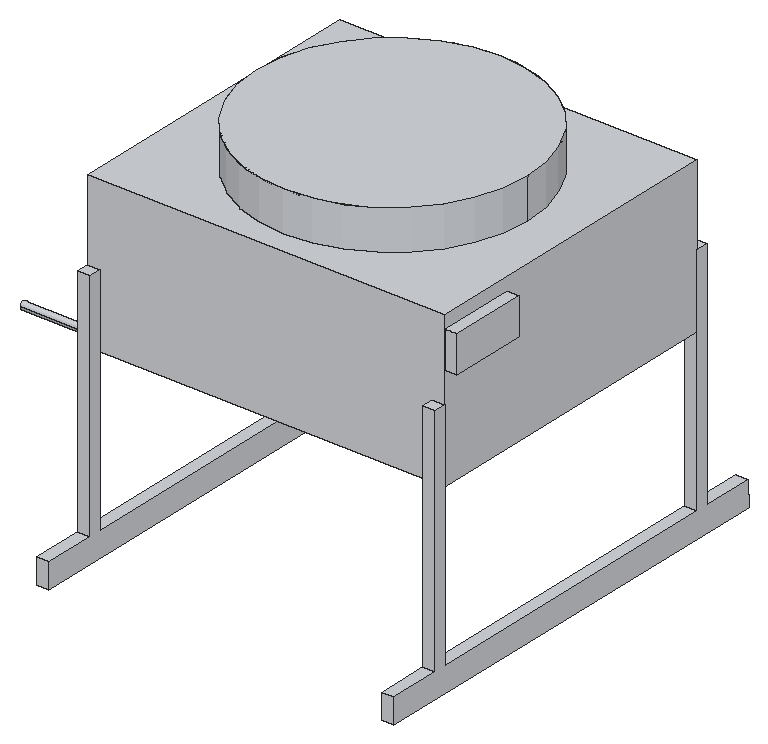
Revit family "M_Condensador - Resfriado a ar - Vertical - 8-78 kW", category Equipamento mecânico, Revit 2019
Family settings
  Cota do conector redondo = Usar raio
  Tipo de parte = Normal
  Número OmniClass = 23.75.10.24.21.11.11
  Título OmniClass = Packaged Refrigerant Condensing Coils and Fan Units
  ID de item do Seek = Condenser - Air Cooled - Vertical - 8-78 kW-0000-CAN-ENU
  Com base no plano de trabalho = Não
  Sempre na vertical = Sim
  Corte com vazios quando carregada = Não
  Compartilhado = Não
  Ponto de cálculo do ambiente = Não
Parameters (values of type "5 kW")
  Largura 1 = 651 mm
  Voltagem = 460 V
  Raio 1 = Diâmetro 1 / 2  # 279.5 mm
  Altura total = 699 mm
  Raio da saída = 7.5 mm
  Diâmetro da saída = 2 * Raio da saída  # 15 mm
  Número de pólos = 3
  Classificação de carga = Refrigeração
  Comprimento 1 = 0 mm
  Largura da perna = 914 mm
  Espessura da perna = 25 mm
  Altura da perna = 533 mm
  Raio da embocadura = 7.5 mm
  Diâmetro da embocadura = 2 * Raio da embocadura  # 15 mm
  Diâmetro 1 = 559 mm
  Fluxo de material criogênico [instance] = 0.0 L/s
  Largura do condensador = 651 mm
  Material do condensador = none
  Comprimento do condensador = 711 mm
  Altura do condensador = 318 mm
  C2 Deslocamento 2 = 394 mm
  C2 Deslocamento 1 = 25 mm
  C1 Deslocamento 2 = 419 mm
  C1 Deslocamento 1 = 25 mm
  Carga aparente = 598 VA
Types (12, lengths in mm): name | Largura 1 | Raio 1 | Altura total | Raio da saída | Diâmetro da saída | Comprimento 1 | Largura da perna | Espessura da perna | Altura da perna | Raio da embocadura | Diâmetro da embocadura | Diâmetro 1 | Largura do condensador | Comprimento do condensador | Altura do condensador | C2 Deslocamento 2 | C2 Deslocamento 1 | C1 Deslocamento 2 | C1 Deslocamento 1 | Carga aparente
  (no name) | 651 | 279.5 | 699 | 7.5 | 15 | 0 | 914 | 25 | 533 | 7.5 | 15 | 559 | 651 | 711 | 318 | 394 | 25 | 419 | 25 | 598 VA
  5 kW | 651 | 279.5 | 699 | 7.5 | 15 | 0 | 914 | 25 | 533 | 7.5 | 15 | 559 | 651 | 711 | 318 | 394 | 25 | 419 | 25 | 598 VA
  8 kW | 651 | 279.5 | 699 | 7.5 | 15 | 0 | 914 | 25 | 533 | 11.5 | 23 | 559 | 651 | 711 | 318 | 394 | 25 | 445 | 25 | 598 VA
  13 kW | 778 | 279.5 | 749 | 7.5 | 15 | 0 | 914 | 25 | 533 | 11.5 | 23 | 559 | 778 | 838 | 368 | 394 | 25 | 445 | 25 | 598 VA
  18 kW | 778 | 279.5 | 749 | 7.5 | 15 | 0 | 914 | 25 | 533 | 11.5 | 23 | 559 | 778 | 838 | 368 | 394 | 25 | 476 | 25 | 598 VA
  27 kW | 778 | 279.5 | 749 | 11.5 | 23 | 800 | 914 | 25 | 533 | 14 | 28 | 559 | 778 | 1600 | 368 | 394 | 25 | 452 | 25 | 2120 VA
  10 kW | 778 | 279.5 | 749 | 14 | 28 | 800 | 914 | 25 | 533 | 17.5 | 35 | 559 | 778 | 1600 | 368 | 397 | 25 | 452 | 25 | 2120 VA
  41 kW | 778 | 279.5 | 781 | 14 | 28 | 800 | 914 | 25 | 533 | 17.5 | 35 | 559 | 778 | 1600 | 400 | 397 | 25 | 452 | 25 | 2120 VA
  53 kW | 1168 | 406.5 | 1086 | 14 | 28 | 1248 | 1219 | 114 | 464 | 17.5 | 35 | 813 | 1219 | 2496 | 622 | 540 | 76 | 654 | 622 | 6810 VA
  59 kW | 1168 | 406.5 | 1086 | 14 | 28 | 1248 | 1219 | 114 | 464 | 17.5 | 35 | 813 | 1219 | 2496 | 622 | 540 | 76 | 654 | 622 | 6810 VA
  71 kW | 1168 | 406.5 | 1086 | 17.5 | 35 | 1248 | 1219 | 114 | 464 | 21 | 42 | 813 | 1219 | 2496 | 622 | 540 | 76 | 654 | 622 | 6810 VA
  78 kW | 1168 | 406.5 | 1086 | 17.5 | 35 | 1248 | 1219 | 114 | 464 | 21 | 42 | 813 | 1219 | 2496 | 622 | 540 | 76 | 654 | 622 | 6810 VA
Reference planes
  plane 1 "Centro (Frente/Trás)": y = 0
  plane 2: z = 0
  plane 3 "Centro (Esquerda/Direita)": x = 0
  plane 4: x = 25
  plane 5: x = 736
  plane 6: x = 711
  plane 7: y = 914
  plane 8: y = 457
  plane 9: y = 782.5
  plane 10: y = 131.5
  plane 11: z = 533
  plane 12: z = 50.8
  plane 13: y = 106.1
  plane 14: y = 807.9
  plane 15: x = 368
  plane 16: z = 699
  plane 17: z = 781.55
  plane 18: x = 368
  plane 19: x = 368
  plane 20: z = 419
  plane 21 "1": y = 782.5
  plane 22 "2": y = 131.5
  plane 23: y = 757.5
  plane 24: z = 381
  plane 25: x = -152.4
  plane 26: y = 156.5
  plane 27: z = 394
  plane 28: x = 761.4
  plane 29: z = 673.6
  plane 30: z = 597.4
  plane 31: y = 290.25
Forms (mm)
  Extrusion 1, solid, material <- "Material do condensador"
    sketch origin (0, 0, 0) x (0, 1, 0) y (0, 0, 1)
      loop
        line (914, 50.8) -> (0, 50.8) -> (0, 0) -> (914, 0) -> (914, 50.8)
    from 0 to 25
  Extrusion 2, solid, material <- "Material do condensador"
    sketch origin (0, 0, 0) x (0, 1, 0) y (0, 0, 1)
      loop
        line (782.5, 533) -> (782.5, 50.8) -> (807.9, 50.8) -> (807.9, 533) -> (782.5, 533)
      loop
        line (106.1, 533) -> (106.1, 50.8) -> (131.5, 50.8) -> (131.5, 533) -> (106.1, 533)
    from 0 to 25
  Extrusion 3, solid, material <- "Material do condensador"
    sketch origin (755.65, 0, 0) x (0, 1, 0) y (0, 0, -1)
      loop
        line (914, -50.8) -> (914, 0) -> (0, 0) -> (0, -50.8) -> (914, -50.8)
    from 19.65 to 44.65
  Extrusion 4, solid, material <- "Material do condensador"
    sketch origin (850.9, 0, 0) x (0, 1, 0) y (0, 0, -1)
      loop
        line (782.5, -533) -> (807.9, -533) -> (807.9, -50.8) -> (782.5, -50.8) -> (782.5, -533)
      loop
        line (106.1, -533) -> (131.5, -533) -> (131.5, -50.8) -> (106.1, -50.8) -> (106.1, -533)
    from 114.9 to 139.9
  Extrusion 5, solid, material <- "Material do condensador"
    sketch origin (0, 101.6, 0) x (1, 0, 0) y (0, 1, 0)
      loop
        line (0, 680.9) -> (0, 29.9) -> (736, 29.9) -> (736, 680.9) -> (0, 680.9)
    from 699 to 381
  Extrusion 6, solid, material <- "Material do condensador", detail levels fine
    sketch origin (0, 0, 0) x (1, 0, 0) y (0, 1, 0)
      loop
        circle (368, 457) r 279.5
    from 699 to 781.55
  Extrusion 7, solid, material <- "Material do condensador", detail levels fine
    sketch origin (2609.85, 0, 0) x (-1, 0, 0) y (0, -1, 0)
      loop
        circle (2241.85, -457) r 279.5
    from 699 to 781.55
  Extrusion 8, solid, material <- "Material do condensador"
    sketch origin (0, 0, 0) x (0, 1, 0) y (0, 0, 1)
      loop
        circle (757.5, 419) r 7.5
    from 0 to -152.4
  Extrusion 9, solid, material <- "Material do condensador"
    sketch origin (0, -593.427, -25.4) x (0, 1, 0) y (0, 0, 1)
      loop
        circle (749.927, 419.4) r 7.5
    from 0 to -152.4
  Extrusion 10, solid, material <- "Material do condensador"
    sketch origin (0, 0, 0) x (0, 1, 0) y (0, 0, 1)
      loop
        line (290.25, 673.6) -> (131.5, 673.6) -> (131.5, 597.4) -> (290.25, 597.4) -> (290.25, 673.6)
    from 736 to 761.4
Cuts and joins
  joined: Extrusion 3, Extrusion 4
  joined: Extrusion 1, Extrusion 2
Dimensions and locks
  "Espessura da perna": plane 3 "Centro (Esquerda/Direita)" to plane 4
  "Comprimento do condensador": plane 5 to plane 4
  "Espessura da perna": plane 6 to plane 5
  "Largura da perna": plane 7 to plane 1 "Centro (Frente/Trás)"
  equal spacing: plane 7, plane 8, plane 1 "Centro (Frente/Trás)"
  equal spacing: plane 9, plane 8, plane 10
  "Largura 1": plane 9 to plane 10
  "Altura da perna": plane 11 to plane 2
  locked: plane 10 to plane 13 at 25.4
  plane 14 to plane 9 = 25.4 mm
  equal spacing: plane 4, plane 15, plane 6
  locked: plane 17 to plane 16 at 82.55
  equal spacing: plane 18, plane 15, plane 19
  "Comprimento 1": plane 18 to plane 19
  "C1 Deslocamento 2": plane 20 to plane 2
  "Largura do condensador": plane 21 "1" to plane 22 "2"
  equal spacing: plane 21 "1", plane 8, plane 22 "2"
  "C1 Deslocamento 1": plane 21 "1" to plane 23
  "Altura do condensador": plane 16 to plane 24
  "Altura total": plane 16 to plane 2
  locked: plane 25 to plane 3 "Centro (Esquerda/Direita)" at 152.4
  "C2 Deslocamento 1": plane 26 to plane 22 "2"
  "C2 Deslocamento 2": plane 27 to plane 2
  locked: plane 5 to plane 28 at 25.4
  locked: plane 22 "2" to plane 31 at 158.75
  locked: plane 16 to plane 29 at 25.4
  locked: plane 29 to plane 30 at 76.2
  "Raio 1": radius of Extrusion 6 sketch curve
  "Raio 1": radius of Extrusion 7 sketch curve
  "Raio da embocadura": radius of Extrusion 8 sketch curve
  "Raio da saída": radius of Extrusion 9 sketch curve
  aligned and locked: plane 7 to Extrusion 1 sketch curve
  aligned and locked: plane 12 to Extrusion 1 sketch curve
  aligned and locked: level to Extrusion 1 sketch curve
  aligned and locked: plane 1 "Centro (Frente/Trás)" to Extrusion 1 sketch curve
  aligned and locked: plane 9 to Extrusion 2 sketch curve
  aligned and locked: plane 11 to Extrusion 2 sketch curve  (x2)
  aligned and locked: plane 12 to Extrusion 2 sketch curve
  aligned and locked: plane 10 to Extrusion 2 sketch curve
  aligned and locked: plane 4 to Extrusion 1
  aligned and locked: plane 4 to Extrusion 2
  aligned and locked: Extrusion 3 to plane 6
  aligned and locked: plane 5 to Extrusion 3
  aligned and locked: Extrusion 4 to plane 6
  aligned and locked: plane 5 to Extrusion 4
  aligned and locked: Extrusion 2 to plane 13
  aligned and locked: Extrusion 4 to Extrusion 2  (x2)
  aligned and locked: plane 9 to Extrusion 2
  aligned and locked: plane 9 to Extrusion 4
  aligned and locked: plane 14 to Extrusion 2
  aligned and locked: Extrusion 5 sketch curve to Extrusion 1
  aligned and locked: Extrusion 5 sketch curve to Extrusion 3
  aligned and locked: plane 18 to Extrusion 6 sketch curve
  aligned and locked: plane 8 to Extrusion 6 sketch curve
  aligned and locked: plane 17 to Extrusion 6
  aligned and locked: plane 19 to Extrusion 7 sketch curve
  aligned and locked: plane 8 to Extrusion 7 sketch curve
  aligned and locked: plane 17 to Extrusion 7
  aligned and locked: Extrusion 5 to plane 21 "1"
  aligned and locked: Extrusion 5 to plane 22 "2"
  aligned and locked: plane 16 to Extrusion 5
  aligned and locked: Extrusion 6 to Extrusion 5
  aligned and locked: Extrusion 7 to Extrusion 5
  aligned and locked: Extrusion 5 to plane 24
  aligned and locked: plane 23 to Extrusion 8 sketch curve
  aligned and locked: plane 20 to Extrusion 8 sketch curve
  aligned and locked: Extrusion 8 to plane 25
  aligned and locked: plane 26 to Extrusion 9 sketch curve
  aligned and locked: plane 27 to Extrusion 9 sketch curve
  aligned and locked: Extrusion 9 to plane 25
  aligned and locked: plane 3 "Centro (Esquerda/Direita)" to Extrusion 9
  aligned and locked: plane 31 to Extrusion 10 sketch curve
  aligned and locked: plane 29 to Extrusion 10 sketch curve
  aligned and locked: plane 30 to Extrusion 10 sketch curve
  aligned and locked: plane 10 to Extrusion 10 sketch curve
  aligned and locked: plane 28 to Extrusion 10
  aligned and locked: Extrusion 10 to plane 5
Automatic sketch dimensions
  Extrusion 2 sketch curve to plane 12 = 0 mm
  Extrusion 2 sketch curve to plane 13 = 0 mm
  Extrusion 2 sketch curve to plane 14 = 0 mm
  Extrusion 3 sketch curve to plane 1 "Centro (Frente/Trás)" = 0 mm
  Extrusion 3 sketch curve to level = 0 mm
  Extrusion 3 sketch curve to plane 7 = 0 mm
  Extrusion 3 sketch curve to plane 12 = 0 mm
  Extrusion 4 sketch curve to plane 12 = 0 mm  (x2)
  Extrusion 4 sketch curve to plane 13 = 0 mm
  Extrusion 4 sketch curve to plane 10 = 0 mm
  Extrusion 4 sketch curve to plane 9 = 0 mm
  Extrusion 4 sketch curve to plane 14 = 0 mm
  Extrusion 4 sketch curve to plane 11 = 0 mm  (x2)
  plane 10 to Extrusion 5 sketch curve = 0 mm
  Extrusion 5 sketch curve to plane 9 = 0 mm
Connectors
  piping at (-152.4, 757.5, 419), diameter 15, driven by "Raio da embocadura", driven by "Fluxo de material criogênico"
    settings: on Extrusion 8, index 1, connector inside diameter 15 mm, connector length 0 mm, flow factor 0, pipe flow 0.0 L/s, pressure drop 0.0 Pa, fitting loss kfactor 0, connector angle 0.00°, fixture units 0, engagement length 0 mm, angle of deflection 0.00°, flow configuration 0, flow direction 1, fitting loss method 0, system type 8, joint type 0, gender type 0, connector reference index 2, connector utility 0, adjustable connector no, is connector primary yes, connector description "Entrada de material criogênico"
  piping at (-152.4, 156.5, 394), diameter 15, driven by "Raio da saída", driven by "Fluxo de material criogênico"
    settings: on Extrusion 9, index 2, connector inside diameter 15 mm, connector length 0 mm, flow factor 0, pipe flow 0.0 L/s, pressure drop 0.0 Pa, fitting loss kfactor 0, connector angle 0.00°, fixture units 0, engagement length 0 mm, angle of deflection 0.00°, flow configuration 0, flow direction 2, fitting loss method 0, system type 7, joint type 0, gender type 0, connector reference index 1, connector utility 0, adjustable connector no, is connector primary no, connector description "Saída de material criogênico"
  electrical at (748.7, 210.875, 597.4), driven by "Carga aparente", driven by "Voltagem", driven by "Número de pólos", driven by "Classificação de carga"
    settings: on Extrusion 10, index 3, voltage 460 V, apparent load 598 VA, apparent load phase1 0 VA, apparent load phase2 0 VA, apparent load phase3 0 VA, power factor 0.8, load classification "Refrigeração", number of poles 3, system type 30, power factor state 1, is connector primary yes, connector utility no, sub classification motor no, connector description ""
